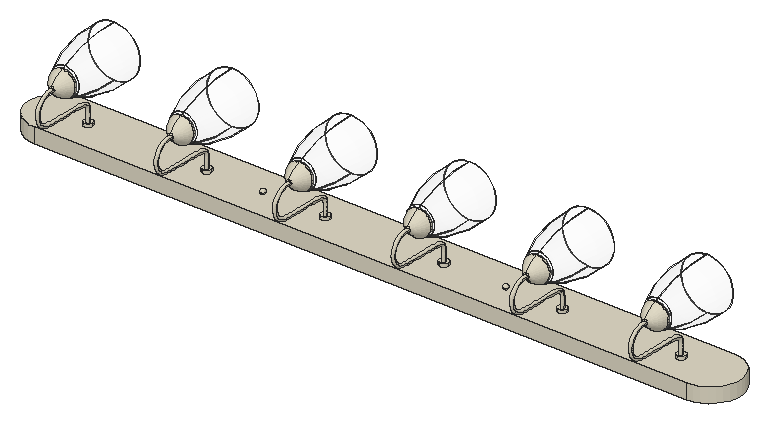
Revit family "P2714-09 6-100W MED BATH BRACKET", category Lighting Fixtures, host Face, Revit 2012
Parameters (values of type "P2714-09 6-100W MED BATH BRACKET")
  Wattage Comments = "100 W"  # constant formula
  URL = "http://www.progresslighting.com/"
  Product Page URL = "http://www.progresslighting.com/products.aspx?product=P2714-09"
  Product Documentation Link = "http://www.progresslighting.com/SpecSheets/P2714.pdf"
  Mounting = "Wall Mount"  # constant formula
  Model = "P2714-09"  # constant formula
  Manufacturer Phone = "864-678-1000"  # constant formula
  Manufacturer Fax = "864-678-1065"  # constant formula
  Manufacturer = "Progress Lighting"  # constant formula
  Lamp = "Six"  # constant formula
  Glass = Ethed Glass Shade
  Description = "Six-light bath"  # constant formula
  Default Elevation = 48"
  Back Plate = Plated Brushed Nickel
Reference planes (in)
  plane 1 "Center (Front/Back)": y = 0
  plane 2: z = 0
  plane 3 "Center (Left/Right)": x = 0
  plane 4: x = -24
  plane 5: x = 24
  plane 6: y = 2
  plane 7: y = -1.992
  plane 8: z = 1
  plane 9: y = -4.38748
Forms (in)
  Extrusion 1, solid, material "Plated Brushed Nickel" <- "Back Plate"
    sketch origin (0, 0.53536, 0) x (1, 0, 0) y (0, 1, 0)
      loop
        arc (-22.00518, 1.46056) -> (-24.00118, -0.53544) -> (-22.00518, -2.53144) r 1.996
        line (-22.00518, -2.53144) -> (22.0039, -2.53144)
        arc (22.0039, -2.53144) -> (23.9999, -0.53544) -> (22.0039, 1.46056) r 1.996
        line (22.0039, 1.46056) -> (-22.00518, 1.46056)
    from 0 to 1
  Revolve 2, solid, material "Plated Brushed Nickel" <- "Back Plate"
    sketch origin (-0.09181, -0.00139, 1.08723) x (1, 0, 0) y (0, 1, 0)
      loop
        arc (-8.10963, -0.13694) -> (-7.95963, 0.01306) -> (-8.10963, 0.16306) r 0.15
        line (-8.10963, 0.16306) -> (-8.10963, -0.13694)
      axis (-8.10963, -0.13694) -> (-8.10963, 0.16306)
    angle from 0 to 360
  Revolve 3, solid, material "Plated Brushed Nickel" <- "Back Plate"
    sketch origin (16.63867, -0.00139, 1.08725) x (1, 0, 0) y (0, 1, 0)
      loop
        arc (-8.43867, -0.1474) -> (-8.29127, 0) -> (-8.43867, 0.1474) r 0.1474
        line (-8.43867, 0.1474) -> (-8.43867, -0.1474)
      axis (-8.43867, -0.1474) -> (-8.43867, 0.1474)
    angle from 0 to 360
Dimensions and locks (in)
  plane 4 to plane 3 "Center (Left/Right)" = 24"  (x2)
  plane 5 to plane 3 "Center (Left/Right)" = 24"
  plane 6 to plane 1 "Center (Front/Back)" = 2"
  locked: plane 8 to plane 2 at 1
  Extrusion 1 sketch curve to plane 4 = 1.99482"
  Extrusion 1 sketch curve to plane 1 "Center (Front/Back)" = 1.99591"
  Extrusion 1 sketch curve to Extrusion 1 sketch curve = 44.00908"  (x2)
  plane 7 to Extrusion 1 sketch curve = 3.98791"
  locked: plane 1 "Center (Front/Back)" to Extrusion 1 at 1.99591
  plane 1 "Center (Front/Back)" to Extrusion 1 = 1.99591"  (x2)
  plane 6 to Extrusion 1 sketch curve = 3.99608"
  locked: Extrusion 1 sketch curve to Extrusion 1 sketch curve at 3.992
  Extrusion 1 sketch curve to plane 6 = 0.00409"
  locked: plane 9 to plane 1 "Center (Front/Back)" at 4.38748
  locked: plane 9 to Extrusion 1 at 2.3914
  nested 1 to plane 1 "Center (Front/Back)" = 1.05008"
  locked: nested 2 to plane 1 "Center (Front/Back)" at 1.0562
  nested 1 to plane 3 "Center (Left/Right)" = 12"
  locked: nested 3 to plane 1 "Center (Front/Back)" at 1.05646
  nested 4 to plane 5 = 12"
  locked: nested 4 to plane 1 "Center (Front/Back)" at 1.06
  locked: Revolve 3 sketch curve to Revolve 3 sketch curve at 0.35175
  plane 3 "Center (Left/Right)" to Revolve 3 sketch curve = 8.2"
  Revolve 2 sketch curve to plane 3 "Center (Left/Right)" = 8.20143"
  locked: Revolve 2 sketch curve to plane 9 at 4.23278
  locked: Revolve 2 sketch curve to Revolve 2 sketch curve at 0.3931
  Revolve 2 sketch curve to plane 4 = 15.79857"
  nested 1 to nested 4 = 24"
  nested 1 to nested 2 = 8"
  locked: nested 5 to plane 1 "Center (Front/Back)" at 1.05
  locked: Extrusion 1 to plane 1 "Center (Front/Back)" at 1.99608
  locked: nested 6 to plane 5 at 4
  locked: nested 6 to plane 1 "Center (Front/Back)" at 1.05008
  locked: nested 5 to plane 3 "Center (Left/Right)" at 20
  locked: nested 2 to plane 3 "Center (Left/Right)" at 4
  locked: nested 5 to nested 1 at 8
  locked: nested 1 to nested 2 at 8
  locked: nested 2 to nested 3 at 8
  locked: nested 3 to nested 4 at 8
  locked: nested 4 to nested 6 at 8
  locked: nested 1 to plane 1 "Center (Front/Back)" at 1.05008
  locked: nested 3 to plane 5 at 20
  radius of Extrusion 1 sketch curve = 1.996"  (x2)
  aligned and locked: plane 2 to host face
  aligned and locked: level to host face
  aligned and locked: plane 8 to Extrusion 1
  aligned and locked: Extrusion 1 to host face
  aligned and locked: Revolve 2 sketch curve to Revolve 2 sketch curve
Nested families (in)
  nested 1: "P2706" at (-12, -1.05008, 1), type "P2706"
  nested 2: "P2706" at (-4, -1.0562, 1), type "P2706"
  nested 3: "P2706" at (4, -1.05646, 1), type "P2706"
  nested 4: "P2706" at (12, -1.06, 1), type "P2706"
  nested 5: "P2706" at (-20, -1.05, 1), type "P2706"
  nested 6: "P2706" at (20, -1.05008, 1), type "P2706"
Connectors (in)
  electrical at (-0.00064, -0.00008, 0)
    settings: on Extrusion 1, index 1, voltage 0 V, apparent load 0 VA, apparent load phase1 0 VA, apparent load phase2 0 VA, apparent load phase3 0 VA, power factor 1, load classification "Other", number of poles 1, system type 31, power factor state 1, is connector primary yes, connector utility no, sub classification motor no, connector description ""
Definition of nested family "P2706"
  Parameters (values of type "P2706")
    Wattage = 9.2903 W
    built-in parameter 1150110 = 1 (stored number, unit not read)
    built-in parameter 1114217 = 1 (stored number, unit not read)
    built-in parameter 1150109 = 1 (stored number, unit not read)
    built-in parameter 1150134 = 3
    built-in parameter 1150113 = 1 (stored number, unit not read)
    built-in parameter 1150105 = 109.82 (stored number, unit not read)
    Lumens = 1380 lm
    built-in parameter 1150115 = 1 (stored number, unit not read)
    Light Source Symbol Size = 3"
    built-in parameter 1150137 = (empty or 0)
    built-in parameter 1150139 = (empty or 0)
    built-in parameter 1150112 = 1 (stored number, unit not read)
    built-in parameter 1150114 = 1 (stored number, unit not read)
    built-in parameter 1150132 = (empty or 0)
    built-in parameter 1150102 = (empty or 0)
    built-in parameter 1150107 = 3200 (stored number, unit not read)
    built-in parameter 1150138 = (empty or 0)
    built-in parameter 1150106 = 1.0982 (stored number, unit not read)
    Glass = Ethed Glass Shade
    built-in parameter 1150104 = 13.8 (stored number, unit not read)
    Dimming Lamp Color Temperature Shift = (empty or 0)
    Default Elevation = 48"
    Color Filter = 16777215
    built-in parameter 1114218 = 1 (stored number, unit not read)
    Back Plate = Plated Brushed Nickel
    built-in parameter 1150133 = 10 (stored number, unit not read)
  Reference planes (in)
    plane 1 "Center (Front/Back)": y = 0
    plane 2: z = -1.32579
    plane 3 "Center (Left/Right)": x = 0
    plane 4: z = 1.83809
    plane 5: y = -0.97098
    plane 6: z = 3.42421
  Forms (in)
    Extrusion 1, solid
      sketch origin (0, 0, 0) x (1, 0, 0) y (0, 1, 0)
        loop
          line (-48, 48) -> (-48, -48) -> (48, -48) -> (48, 48) -> (-48, 48)
      from -1.32579 to -12
    Extrusion 2, solid, material "Plated Brushed Nickel" <- "Back Plate"
      sketch origin (0, 0.05805, 0) x (-1, 0, 0) y (0, -1, 0)
        loop
          circle (-0.01972, -0.99512) r 0.3
      from 0 to 0.16387
    Sweep 3, solid, material "Plated Brushed Nickel" <- "Back Plate"
      path origin (0, 0.1246, 0) x (0, -1, 0) y (0, 0, 1)
        loop
          spline (-0.92936, 0.16387) -> (-0.9305, 0.83136) -> (-0.73341, 1.28118) -> (-0.14975, 1.40768) -> (0.57246, 1.42309) -> (1.27196, 1.42516) -> (1.8772, 1.42987) -> (2.42911, 1.46258) -> (2.93419, 1.60051) -> (3.27733, 2.01163) -> (3.31266, 2.65062) -> (2.88802, 3.20254) -> (2.09345, 3.42421)
      profile origin (0, -1.7526, 1.42987) x (0, 0.024605, 0.999697) y (-1, 0, 0)
        loop
          circle (0, -0.02216) r 0.10287
    Revolve 4, solid, material "Ethed Glass Shade" <- "Glass"
      sketch origin (0, -0.12045, -1.32579) x (0, -1, 0) y (0, 0, 1)
        loop
          arc (-3.42574, 2.96847) -> (-1.28591, 3.09533) -> (0.74175, 3.79073) r 7.92917
          arc (0.74175, 3.79073) -> (0.82115, 3.86355) -> (0.85053, 3.96719) r 0.19752
          line (0.85053, 3.96719) -> (0.85053, 4.75) -> (0.80053, 4.75) -> (0.80053, 3.96826)
          arc (0.80053, 3.96826) -> (0.77833, 3.88993) -> (0.71832, 3.83491) r 0.14926
          arc (0.71832, 3.83491) -> (-1.298, 3.14391) -> (-3.42574, 3.01862) r 7.87917
          line (-3.42574, 3.01862) -> (-3.42574, 2.96847)
        axis (0.85053, 4.75) -> (-3.42574, 4.75)
      angle from 0 to 360
    Revolve 5, solid, material "Plated Brushed Nickel" <- "Back Plate"
      sketch origin (0, -0.10456, 0) x (0, -1, 0) y (0, 0, 1)
        loop
          line (1.9006, 3.42421) -> (0.86641, 3.42421) -> (0.86641, 2.59003) -> (0.97372, 2.571)
          arc (0.97372, 2.571) -> (1.47824, 2.84497) -> (1.86429, 3.2699) r 1.71757
          arc (1.86429, 3.2699) -> (1.89041, 3.28636) -> (1.9006, 3.3155) r 0.04679
          line (1.9006, 3.3155) -> (1.9006, 3.42421)
        axis (1.9006, 3.42421) -> (0.86641, 3.42421)
      angle from 0 to 360
  Lines and regions (in)
    model lines
      curve 1: line (0, -2.00516, 3.42463) -> (0, -2.00516, 3.3155)
      curve 2: arc (0, -2.00516, 3.3155) -> (0, -2.01535, 3.28636) -> (0, -2.04147, 3.2699) r 0.04679
  Dimensions and locks (in)
    radius of Extrusion 2 sketch curve = 0.3"
    aligned and locked: plane 2 to Extrusion 1
    aligned and locked: Extrusion 2 to level
    aligned and locked: plane 3 "Center (Left/Right)" to imposter light
    aligned and locked: plane 5 to Revolve 4 sketch curve
    aligned and locked: plane 6 to Sweep 3
    aligned and locked: Revolve 5 sketch curve to curve 1
    aligned and locked: Revolve 5 sketch curve to plane 6
    aligned and locked: Revolve 5 sketch curve to Revolve 5 sketch curve
    aligned and locked: plane 6 to Sweep 3 sketch curve
    aligned and locked: Sweep 3 sketch curve to Extrusion 2
    aligned and locked: imposter light to plane 6
